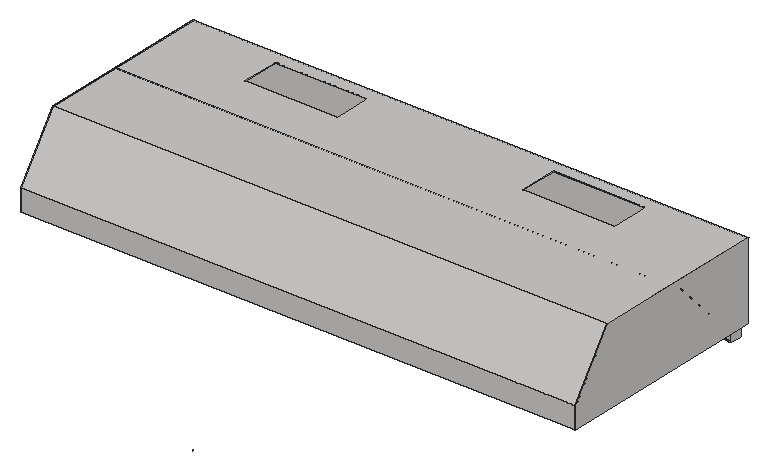
Revit family "QF_ELECTROLUXPROFESSIONAL_642163_BP1436BT", category Specialty Equipment, Revit 2014
Reference planes
  plane 1: z = 0
  plane 2 "Center (Left/Right)": x = 150
  plane 3 "LEFT": x = -1650
  plane 4 "RIGHT": x = 1950
  plane 5 "BACK": y = 550
  plane 6 "TOP": z = 2500
  plane 7 "Base": z = 2000
  plane 8: z = 1926
  plane 9 "DrainY": y = 485
  plane 10: x = -1647
  plane 11: through (0, 414.509, 2000.8) normal (0, 0.7314, 0.682)
  plane 12: y = 470
  plane 13: y = 220
  plane 14 "DrainX": x = 1832
  plane 15: x = -450
  plane 16: x = 750
  plane 17: x = -1050
  plane 18: x = 1350
  plane 19: x = 1947
  plane 20: x = 1742
  plane 21: x = 1922
  plane 22: x = -1610
  plane 23: x = -410
  plane 24: x = -10
  plane 25: x = 1910
  plane 26: x = 710
  plane 27: x = 310
  plane 28: z = 2140
  plane 29: y = -590
  plane 30 "Center (Front/Back)": y = -150
  plane 31 "Front": y = -850
Forms (mm)
  Extrusion 1, solid, material "QF_Finishes_Stainless Steel"
    sketch origin (-1650, 0, 360) x (0, 1, 0) y (0, 0, 1)
      loop
        line (550, 1640) -> (550, 2140) -> (-590, 2140) -> (-850, 1780) -> (-850, 1640) -> (550, 1640)
    from 0 to 3
  Extrusion 2, solid, material "QF_Finishes_Stainless Steel"
    sketch origin (150, 0, 360) x (0, 1, 0) y (0, 0, 1)
      loop
        line (415.255, 1640) -> (550, 1640) -> (550, 2139.19) -> (549.2, 2139.19) -> (549.2, 1640.8) -> (415.876, 1640.8) -> (339.347, 1722.867) -> (349.609, 1732.436) -> (348.927, 1733.167) -> (337.934, 1722.917) -> (415.255, 1640)
      loop
        line (-82.203, 2139.19) -> (-82.203, 2118.6) -> (-31.047, 2118.6) -> (34.354, 2048.466) -> (46.028, 2059.352) -> (45.346, 2060.083) -> (34.403, 2049.879) -> (-30.612, 2119.6) -> (-81.203, 2119.6) -> (-81.203, 2139.19) -> (-82.203, 2139.19)
    from -1797 to 1797
  Extrusion 3, solid, material "QF_Finishes_Stainless Steel"
    sketch origin (1950, 0, 360) x (0, 1, 0) y (0, 0, 1)
      loop
        line (550, 1640) -> (550, 2140) -> (-590, 2140) -> (-850, 1780) -> (-850, 1640) -> (550, 1640)
    from 0 to -3
  Extrusion 4, solid, material "QF_Finishes_Stainless Steel"
    sketch origin (150, 0, 360) x (0, 1, 0) y (0, 0, 1)
      loop
        line (550, 2139.19) -> (550, 2140) -> (-590, 2140) -> (-850, 1780) -> (-850, 1640) -> (-849.2, 1640) -> (-849.2, 1779.741) -> (-589.598, 2139.19) -> (550, 2139.19)
    from -1800 to 1800
  Extrusion 5, solid, material "QF_Finishes_Stainless Steel"
    sketch origin (150, 0, 360) x (0, 1, 0) y (0, 0, 1)
      loop
        line (534, 1640) -> (436, 1640) -> (436, 1627) -> (443.5, 1627) -> (443.5, 1576)
        arc (443.5, 1576) -> (446.429, 1568.929) -> (453.5, 1566) r 10
        line (453.5, 1566) -> (516.5, 1566)
        arc (516.5, 1566) -> (523.571, 1568.929) -> (526.5, 1576) r 10
        line (526.5, 1576) -> (526.5, 1627) -> (534, 1627) -> (534, 1640)
    from 1592 to 1772
  Extrusion 6, solid, material "QF_Finishes_Stainless Steel"
    sketch origin (0, 0, 2000) x (0, 1, 0) y (-1, 0, 0)
      loop
        circle (485, -1832) r 20
    from -76 to -74
  Extrusion 7, solid, material "QF_Finished_Chrome"
    sketch origin (150, 0, 360) x (0, 1, 0) y (0, 0, 1)
      loop
        line (337.934, 1722.917) -> (341.591, 1726.327) -> (38.011, 2051.876) -> (34.354, 2048.466) -> (337.934, 1722.917)
    from -560 to -1760
  Extrusion 8, solid, material "QF_Finished_Chrome"
    sketch origin (150, 0, 360) x (0, 1, 0) y (0, 0, 1)
      loop
        line (337.934, 1722.917) -> (341.591, 1726.327) -> (38.011, 2051.876) -> (34.354, 2048.466) -> (337.934, 1722.917)
    from 160 to -160
  Extrusion 9, solid, material "QF_Finishes_Stainless Steel"
    sketch origin (150, 0, 360) x (0, 1, 0) y (0, 0, 1)
      loop
        line (337.934, 1722.917) -> (341.591, 1726.327) -> (38.011, 2051.876) -> (34.354, 2048.466) -> (337.934, 1722.917)
    from 1797 to 1760
  Extrusion 10, solid, material "QF_Finishes_Stainless Steel"
    sketch origin (150, 0, 360) x (0, 1, 0) y (0, 0, 1)
      loop
        line (341.588, 1726.324) -> (38.009, 2051.874) -> (34.354, 2048.466) -> (337.934, 1722.917) -> (341.588, 1726.324)
    from -560 to -160
  Extrusion 11, solid, material "QF_Finished_Chrome"
    sketch origin (150, 0, 360) x (0, 1, 0) y (0, 0, 1)
      loop
        line (341.588, 1726.324) -> (38.009, 2051.874) -> (34.354, 2048.466) -> (337.934, 1722.917) -> (341.588, 1726.324)
    from 560 to 1760
  Extrusion 12, void
    sketch origin (0, 0, 2500) x (0, 1, 0) y (-1, 0, 0)
      loop
        line (470, 1050) -> (220, 1050) -> (220, 450) -> (470, 450) -> (470, 1050)
    from 0 to -10
  Extrusion 13, void
    sketch origin (940, 0, 2500) x (0, 1, 0) y (-1, 0, 0)
      loop
        line (470, 190) -> (220, 190) -> (220, -410) -> (470, -410) -> (470, 190)
    from 0 to -10
  Extrusion 14, solid, material "QF_Finishes_Stainless Steel"
    sketch origin (0, 0, 0) x (1, 0, 0) y (0, 1, 0)
      loop
        line (-1650, 550) -> (-1650, 549) -> (-1649, 549) -> (-1649, 550) -> (-1650, 550)
    from 0 to 1
  Extrusion 15, solid, material "QF_Finishes_Stainless Steel"
    sketch origin (150, 0, 360) x (0, 1, 0) y (0, 0, 1)
      loop
        line (337.934, 1722.917) -> (341.591, 1726.327) -> (38.011, 2051.876) -> (34.354, 2048.466) -> (337.934, 1722.917)
    from -1760 to -1797
  Extrusion 16, solid, material "QF_Finishes_Stainless Steel"
    sketch origin (150, 0, 360) x (0, 1, 0) y (0, 0, -1)
      loop
        line (341.588, -1726.324) -> (337.934, -1722.917) -> (34.354, -2048.466) -> (38.009, -2051.874) -> (341.588, -1726.324)
    from -560 to -160
Cuts and joins
  Extrusion 12, Extrusion 13 cuts Extrusion 4
  joined: Extrusion 2, Extrusion 4
Lines and regions (mm)
  symbolic lines, style "SpecialityEquipment", detail levels coarse
    curve 1: line (1950, 550, 2500) -> (-1650, 550, 2500)
    curve 2: line (-1650, 550, 2500) -> (-1650, -850, 2500)
    curve 3: line (1950, -850, 2500) -> (1950, 550, 2500)
    curve 4: line (-1050, 220, 2500) -> (-450, 220, 2500)
    curve 5: line (-1050, 470, 2500) -> (-1050, 220, 2500)
    curve 6: line (-450, 470, 2500) -> (-1050, 470, 2500)
    curve 7: line (-450, 220, 2500) -> (-450, 470, 2500)
    curve 8: line (750, 470, 2500) -> (750, 220, 2500)
    curve 9: line (750, 220, 2500) -> (1350, 220, 2500)
    curve 10: line (1350, 470, 2500) -> (750, 470, 2500)
    curve 11: line (1350, 220, 2500) -> (1350, 470, 2500)
    curve 12: line (-1650, -590, 0) -> (1950, -590, 0)
    curve 13: line (-1650, 550, 0) -> (1950, -590, 0)
    curve 14: line (1950, 550, 0) -> (-1650, -590, 0)
  symbolic lines, detail levels coarse
    curve 15: line (-1650, -850, 2500) -> (1950, -850, 2500)
Dimensions and locks
  plane 3 "LEFT" to plane 4 "RIGHT" = 3600 mm
  equal spacing: plane 3 "LEFT", plane 2 "Center (Left/Right)", plane 4 "RIGHT"
  locked: plane 6 "TOP" to plane 7 "Base" at 500
  plane 7 "Base" to plane 8 = 74 mm
  plane 5 "BACK" to plane 9 "DrainY" = 65 mm  (x2)
  plane 3 "LEFT" to plane 10 = 3 mm
  plane 5 "BACK" to plane 12 = 80 mm
  plane 12 to plane 13 = 250 mm  (x2)
  plane 14 "DrainX" to plane 4 "RIGHT" = 118 mm
  locked: plane 15 to plane 16 at 1200
  equal spacing: plane 15, plane 2 "Center (Left/Right)", plane 16
  plane 17 to plane 15 = 600 mm
  plane 16 to plane 18 = 600 mm
  plane 19 to plane 4 "RIGHT" = 3 mm
  locked: plane 20 to plane 14 "DrainX" at 90
  locked: plane 14 "DrainX" to plane 21 at 90
  plane 12 to plane 5 "BACK" = 80 mm
  locked: plane 3 "LEFT" to plane 22 at 40
  locked: plane 25 to plane 4 "RIGHT" at 40
  plane 28 to plane 7 "Base" = 140 mm
  locked: plane 7 "Base" to level at 2000
  plane 5 "BACK" to plane 31 "Front" = 1400 mm  (x2)
  equal spacing: plane 5 "BACK", plane 30 "Center (Front/Back)", plane 31 "Front"
  locked: plane 24 to plane 2 "Center (Left/Right)" at 160
  locked: plane 2 "Center (Left/Right)" to plane 27 at 160
  locked: plane 23 to plane 24 at 400
  locked: plane 27 to plane 26 at 400
  plane 22 to plane 23 = 1200 mm
  plane 26 to plane 25 = 1200 mm
  aligned and locked: level to plane 1
  aligned and locked: Extrusion 2 to Extrusion 1
  aligned and locked: Extrusion 2 to Extrusion 3
  aligned and locked: plane 4 "RIGHT" to Extrusion 4
  aligned and locked: Extrusion 4 to plane 3 "LEFT"
  aligned and locked: plane 19 to Extrusion 9
  aligned and locked: plane 17 to Extrusion 12
  aligned and locked: Extrusion 12 to plane 15
  aligned and locked: Extrusion 12 to plane 13
  aligned and locked: Extrusion 12 to plane 12
  aligned and locked: Extrusion 13 to plane 18
  aligned and locked: plane 16 to Extrusion 13
  aligned and locked: plane 21 to Extrusion 5
  aligned and locked: Extrusion 5 to plane 20
  aligned and locked: Extrusion 9 to plane 25
  aligned and locked: Extrusion 11 to plane 25
  aligned and locked: Extrusion 11 to plane 26
  aligned and locked: Extrusion 8 to plane 27
  aligned and locked: Extrusion 8 to plane 24
  aligned and locked: plane 24 to Extrusion 10
  aligned and locked: Extrusion 10 to plane 23
  aligned and locked: plane 23 to Extrusion 7
  aligned and locked: Extrusion 7 to plane 22
  aligned and locked: Extrusion 15 to plane 10
  aligned and locked: plane 22 to Extrusion 15
  aligned and locked: Extrusion 16 to plane 27
  aligned and locked: Extrusion 16 to plane 26
  aligned and locked: Extrusion 3 to plane 19
Automatic sketch dimensions
  Extrusion 2 sketch curve to plane 11 = 0 mm  (x3)
  Extrusion 2 sketch curve to plane 7 "Base" = 0 mm
  plane 11 to Extrusion 2 sketch curve = 0 mm
  Extrusion 2 sketch curve to plane 5 "BACK" = 0 mm
  Extrusion 2 sketch curve to Extrusion 2 sketch curve = 65.646 mm
  Extrusion 2 sketch curve to Extrusion 2 sketch curve = 0.682 mm  (x2)
  Extrusion 2 sketch curve to Extrusion 2 sketch curve = 10.261 mm
  plane 7 "Base" to Extrusion 2 sketch curve = 82.917 mm
  Extrusion 2 sketch curve to Extrusion 2 sketch curve = 10.942 mm
  Extrusion 2 sketch curve to Extrusion 2 sketch curve = 0.049 mm
  Extrusion 2 sketch curve to plane 6 "TOP" = 20.4 mm
  Extrusion 2 sketch curve to plane 6 "TOP" = 21.4 mm
  Extrusion 2 sketch curve to plane 6 "TOP" = 0.81 mm  (x2)
  Extrusion 2 sketch curve to Extrusion 2 sketch curve = 50.156 mm
  Extrusion 2 sketch curve to Extrusion 2 sketch curve = 1 mm
  plane 7 "Base" to Extrusion 2 sketch curve = 0.8 mm
  Extrusion 2 sketch curve to plane 5 "BACK" = 0.8 mm
  Extrusion 5 sketch curve to plane 7 "Base" = 0 mm
  Extrusion 5 sketch curve to plane 8 = 0 mm
  Extrusion 5 sketch curve to plane 7 "Base" = 13 mm  (x2)
  plane 12 to Extrusion 5 sketch curve = 34 mm
  Extrusion 5 sketch curve to Extrusion 5 sketch curve = 7.5 mm  (x2)
  Extrusion 5 sketch curve to Extrusion 5 sketch curve = 10 mm
  plane 9 "DrainY" to Extrusion 5 sketch curve = 31.5 mm
  Extrusion 5 sketch curve to plane 5 "BACK" = 23.5 mm
  Extrusion 6 sketch curve to plane 9 "DrainY" = 0 mm
  Extrusion 6 sketch curve to plane 14 "DrainX" = 0 mm
  Extrusion 7 sketch curve to plane 11 = 0 mm  (x2)
  Extrusion 7 sketch curve to Extrusion 7 sketch curve = 3.657 mm
  plane 7 "Base" to Extrusion 7 sketch curve = 82.917 mm
  Extrusion 8 sketch curve to plane 11 = 0 mm  (x2)
  Extrusion 8 sketch curve to Extrusion 8 sketch curve = 3.657 mm
  plane 7 "Base" to Extrusion 8 sketch curve = 82.917 mm
  Extrusion 9 sketch curve to plane 11 = 0 mm  (x2)
  Extrusion 9 sketch curve to Extrusion 9 sketch curve = 3.657 mm
  plane 7 "Base" to Extrusion 9 sketch curve = 82.917 mm
  Extrusion 10 sketch curve to plane 11 = 0 mm  (x2)
  Extrusion 10 sketch curve to Extrusion 10 sketch curve = 3.655 mm
  plane 7 "Base" to Extrusion 10 sketch curve = 82.917 mm
  Extrusion 11 sketch curve to plane 11 = 0 mm  (x2)
  Extrusion 11 sketch curve to Extrusion 11 sketch curve = 3.655 mm
  plane 7 "Base" to Extrusion 11 sketch curve = 82.917 mm
  Extrusion 12 sketch curve to plane 13 = 0 mm
  plane 12 to Extrusion 12 sketch curve = 0 mm
  Extrusion 12 sketch curve to plane 15 = 0 mm
  Extrusion 12 sketch curve to plane 17 = 0 mm
  Extrusion 13 sketch curve to plane 13 = 0 mm
  plane 12 to Extrusion 13 sketch curve = 0 mm
  Extrusion 13 sketch curve to plane 18 = 0 mm
  Extrusion 13 sketch curve to plane 16 = 0 mm
  Extrusion 14 sketch curve to plane 3 "LEFT" = 0 mm
  Extrusion 14 sketch curve to plane 5 "BACK" = 0 mm
  plane 3 "LEFT" to Extrusion 14 sketch curve = 1 mm
  Extrusion 14 sketch curve to plane 5 "BACK" = 1 mm
  Extrusion 15 sketch curve to plane 11 = 0 mm  (x2)
  Extrusion 15 sketch curve to Extrusion 15 sketch curve = 3.657 mm
  plane 7 "Base" to Extrusion 15 sketch curve = 82.917 mm
  Extrusion 16 sketch curve to plane 11 = 0 mm  (x2)
  Extrusion 16 sketch curve to Extrusion 16 sketch curve = 3.655 mm
  plane 7 "Base" to Extrusion 16 sketch curve = 82.917 mm
  Extrusion 4 sketch curve to plane 6 "TOP" = 0 mm
  Extrusion 4 sketch curve to plane 29 = 0 mm
  Extrusion 4 sketch curve to plane 5 "BACK" = 0 mm
  Extrusion 4 sketch curve to plane 7 "Base" = 0 mm
  Extrusion 4 sketch curve to plane 28 = 0 mm
  Extrusion 4 sketch curve to plane 28 = 0.259 mm
  Extrusion 4 sketch curve to Extrusion 4 sketch curve = 0.81 mm
  Extrusion 4 sketch curve to plane 29 = 0.402 mm
  Extrusion 1 sketch curve to plane 6 "TOP" = 0 mm
  Extrusion 1 sketch curve to plane 29 = 0 mm
  Extrusion 1 sketch curve to plane 5 "BACK" = 0 mm
  Extrusion 1 sketch curve to plane 7 "Base" = 0 mm
  Extrusion 1 sketch curve to plane 28 = 0 mm
  Extrusion 3 sketch curve to plane 6 "TOP" = 0 mm
  Extrusion 3 sketch curve to plane 29 = 0 mm
  Extrusion 3 sketch curve to plane 5 "BACK" = 0 mm
  Extrusion 3 sketch curve to plane 7 "Base" = 0 mm
  Extrusion 3 sketch curve to plane 28 = 0 mm
  curve 14 to plane 3 "LEFT" = 0 mm
  curve 13 to plane 3 "LEFT" = 0 mm
  curve 14 to plane 4 "RIGHT" = 0 mm
  curve 12 to plane 4 "RIGHT" = 0 mm
  plane 29 to curve 12 = 0 mm
  curve 14 to plane 5 "BACK" = 0 mm
  curve 13 to plane 5 "BACK" = 0 mm
  plane 29 to Extrusion 1 sketch curve = 260 mm
  plane 29 to Extrusion 3 sketch curve = 260 mm
  plane 29 to Extrusion 4 sketch curve = 259.2 mm
  Extrusion 4 sketch curve to Extrusion 4 sketch curve = 0.8 mm
  Extrusion 2 sketch curve to plane 6 "TOP" = 91.534 mm
  Extrusion 7 sketch curve to plane 6 "TOP" = 88.124 mm
  Extrusion 8 sketch curve to plane 6 "TOP" = 88.124 mm
  Extrusion 9 sketch curve to plane 6 "TOP" = 88.124 mm
  Extrusion 10 sketch curve to plane 6 "TOP" = 88.126 mm
  Extrusion 11 sketch curve to plane 6 "TOP" = 88.126 mm
  Extrusion 15 sketch curve to plane 6 "TOP" = 88.124 mm
  Extrusion 16 sketch curve to plane 6 "TOP" = 88.126 mm
  curve 15 to plane 3 "LEFT" = 0 mm
  curve 3 to plane 4 "RIGHT" = 0 mm
  curve 11 to plane 13 = 0 mm
  curve 4 to plane 13 = 0 mm
  plane 12 to curve 6 = 0 mm
  plane 12 to curve 8 = 0 mm
  curve 3 to plane 5 "BACK" = 0 mm
  curve 11 to plane 18 = 0 mm
  curve 10 to plane 16 = 0 mm
  curve 7 to plane 15 = 0 mm
  curve 6 to plane 17 = 0 mm
  curve 15 to plane 31 "Front" = 0 mm
  radius of Extrusion 6 sketch curve = 20 mm
Connectors
  piping at (1832, 485, 1924), diameter 20
    settings: on Extrusion 6, index 1, connector inside diameter 609.6 mm, connector length 0 mm, flow factor 0, pipe flow 0.0 L/s, pressure drop 0.0 Pa, fitting loss kfactor 0, connector angle 0.00°, fixture units 0, engagement length 0 mm, angle of deflection 0.00°, flow configuration 1, flow direction 2, fitting loss method 0, system type 16, joint type 0, gender type 0, connector reference index -1, connector utility 0, adjustable connector no, is connector primary yes, connector description "Drain"
  hvac at (-750, 345, 2500)
    settings: on Extrusion 12, index 2, duct flow 0.0 L/s, flow factor 0, pres drop 0.0 Pa, loss coef 0, conn angle 0.00°, conn width 250 mm, conn height 600 mm, conn diameter 609.6 mm, duct sys type 3, conn prof type 1, flow config 1, flow direction 0, loss method 0, conn ref index -1, conn util no, is conn primary yes, conn desc "EXHAUST OUTLET"
  hvac at (1050, 345, 2500)
    settings: on Extrusion 13, index 3, duct flow 0.0 L/s, flow factor 0, pres drop 0.0 Pa, loss coef 0, conn angle 0.00°, conn width 250 mm, conn height 600 mm, conn diameter 609.6 mm, duct sys type 3, conn prof type 1, flow config 1, flow direction 0, loss method 0, conn ref index -1, conn util no, is conn primary no, conn desc "EXHAUST OUTLET"
